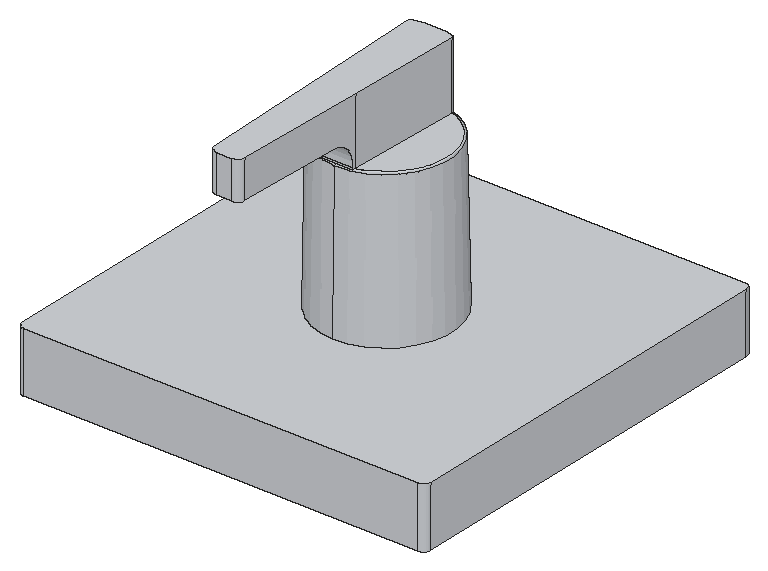
Revit family "Faucet-Valve_Trim-KOHLER-Honesty-K-TS99761-4", category Generic Models, host Face, Revit 2015
Parameters (values of type "CP-Polished Chrome")
  Width = 6 1/2"  # constant formula
  Waste Connection = yes
  URL = "http://www.us.kohler.com/us/"
  Type = 1
  Product Page URL = "http://www.us.kohler.com/onlinecatalog/detail.jsp?prod_num=TS99761-4"
  Product Name = "Honesty"  # constant formula
  Product Documentation Link = "http://www.us.kohler.com/onlinecatalog/pdf/K-TS99761-4_spec.pdf"
  Outlet Connector = "Outlet Connection"  # constant formula
  Model = "K-TS99761-4-CP"  # constant formula
  Material = "Premium Construction"  # constant formula
  MasterFormat 2004 = "10.28.13"  # constant formula
  MasterFormat 1995 = "10820"  # constant formula
  Manufacturer Address = "444 Highland Drive, Kohler, WI 53044"  # constant formula
  Manufacturer = "Kohler"  # constant formula
  Length = 6 1/2"  # constant formula
  Inlet Connector = "Inlet Connection"  # constant formula
  Height = 4 1/2"  # constant formula
  Flush Rate = ""
  Finish = Kohler-Metal-CP-Polished_Chrome
  Description = "Honesty Rite-Temp Valve Trim with Diverter"  # constant formula
  Default Elevation = 42"
  Date Modified = "09/07/2017"  # constant formula
  Date Created = "09/07/2017"  # constant formula
  Copyright = "Copyright by Kohler Co."  # constant formula
  Contact Us = "https://www.us.kohler.com/us/static/contact.jsp"
  Assembly Code = "C1030200"
  ADA Compliant = yes
Reference planes (in)
  plane 1 "Center (Front/Back)": y = 0
  plane 2: z = 0
  plane 3 "Center (Left/Right)": x = 0
  plane 4: y = 16.75
  plane 5: y = -17.25
  plane 6: x = -30.00074
  plane 7: x = 29.99926
  plane 8: z = 4.5
  plane 9: x = -3.32334
  plane 10: x = 3.17666
  plane 11: y = 3.08738
  plane 12: y = -3.41262
Dimensions and locks (in)
  "Length": plane 11 to plane 12
  "Width": plane 9 to plane 10
  "Height": plane 8 to level
  aligned and locked: plane 2 to host face
  aligned and locked: level to host face
Automatic sketch dimensions
  host sketch curve to host sketch curve = 96"  (x2)
Nested families (in)
  nested 1: "K-TS99761-4" at (0, 0, 0), type "K-T99762-4"
Definition of nested family "K-TS99761-4"
  Parameters (values of type "K-T99762-4")
    Finish = none
  Reference planes (in)
    plane 1 "Center (Front/Back)": y = 0
    plane 2: z = 0
    plane 3 "Center (Left/Right)": x = 0
    plane 4: z = 4.5
  Forms (in)
    Extrusion 1, solid, material <- "Finish"
      sketch origin (-0.04678, -0.17401, 0) x (1, 0, 0) y (0, 1, 0)
        loop
          arc (-3.15397, 3.26139) -> (-3.24065, 3.22548) -> (-3.27656, 3.1388) r 0.12259
          line (-3.27656, 3.1388) -> (-3.27656, -3.12122)
          arc (-3.27656, -3.12122) -> (-3.24161, -3.20561) -> (-3.15722, -3.24056) r 0.11934
          line (-3.15722, -3.24056) -> (3.10195, -3.24056)
          arc (3.10195, -3.24056) -> (3.18785, -3.20498) -> (3.22344, -3.11907) r 0.12149
          line (3.22344, -3.11907) -> (3.22344, 3.14145)
          arc (3.22344, 3.14145) -> (3.18831, 3.22626) -> (3.10349, 3.26139) r 0.11995
          line (3.10349, 3.26139) -> (-3.15397, 3.26139)
      from 0 to 0.96047
    Revolve 2, solid, material <- "Finish"
      sketch origin (-0.04678, -0.17401, 0) x (0, 1, 0) y (0, 0, 1)
        loop
          line (0.01042, 3.43011) -> (-0.97087, 3.43011)
          arc (-0.97087, 3.43011) -> (-0.98965, 3.42243) -> (-0.99766, 3.40378) r 0.0268
          line (-0.99766, 3.40378) -> (-1.04031, 0.96047) -> (0.01042, 0.96047) -> (0.01042, 3.43011)
        axis (0.01042, 0.96047) -> (0.01042, 3.43011)
      angle from 0 to 360
    Extrusion 3, solid, material <- "Finish"
      sketch origin (-0.04678, -0.17401, 0) x (1, 0, 0) y (0, 1, 0)
        loop
          line (-0.37925, 0.90785) -> (-0.33242, -0.93664) -> (-0.27108, -3.05185)
          arc (-0.27108, -3.05185) -> (-0.23319, -3.13799) -> (-0.14599, -3.17337) r 0.12515
          line (-0.14599, -3.17337) -> (0.10292, -3.17337)
          arc (0.10292, -3.17337) -> (0.18378, -3.14056) -> (0.21892, -3.06068) r 0.11606
          line (0.21892, -3.06068) -> (0.28052, -0.93663) -> (0.32749, 0.91353)
          arc (0.32749, 0.91353) -> (0.31838, 0.94421) -> (0.29297, 0.96367) r 0.05178
          arc (0.29297, 0.96367) -> (-0.02327, 1.01823) -> (-0.33974, 0.96499) r 0.95539
          arc (-0.33974, 0.96499) -> (-0.36881, 0.94286) -> (-0.37925, 0.90785) r 0.05893
      from 3.44428 to 4.5
    Extrusion 4, void
      sketch origin (-0.04678, -0.17401, 0) x (0, 1, 0) y (0, 0, 1)
        loop
          line (-1.38105, 3.89874) -> (-3.30399, 3.89874) -> (-3.30399, 3.44428) -> (-0.9953, 3.44428) -> (-0.9953, 3.4793)
          arc (-0.9953, 3.4793) -> (-1.09612, 3.77368) -> (-1.38105, 3.89874) r 0.3871
      from -1.27418 to 1.01548
  Cuts and joins
    Extrusion 4 cuts Extrusion 3
  Lines and regions (in)
    Masking region 1
      outline origin (0, -6.17518, 0) x (0, 1, 0) y (0, 0, 1)
        loop
          line (9.26256, 0) -> (9.26256, 0.96047) -> (7.06231, 0.96047) -> (7.01963, 3.40571)
          arc (7.01963, 3.40571) -> (7.01223, 3.42294) -> (6.99487, 3.43004) r 0.02476
          line (6.99487, 3.43004) -> (5.0295, 3.43004)
          arc (5.0295, 3.43004) -> (5.01091, 3.42243) -> (5.00298, 3.40397) r 0.02653
          line (5.00298, 3.40397) -> (4.96086, 0.96047) -> (4.10042, 0.96047) -> (4.09216, 1.43331)
          arc (4.09216, 1.43331) -> (4.08427, 1.45169) -> (4.06575, 1.45927) r 0.02642
          line (4.06575, 1.45927) -> (4.01575, 1.45927) -> (4.01634, 1.73028)
          arc (4.01634, 1.73028) -> (4.00997, 1.74571) -> (3.99456, 1.75211) r 0.02178
          line (3.99456, 1.75211) -> (3.91476, 1.75211)
          arc (3.91476, 1.75211) -> (3.89986, 1.75828) -> (3.89368, 1.77319) r 0.02108
          line (3.89368, 1.77319) -> (3.89368, 1.85002)
          arc (3.89368, 1.85002) -> (3.89967, 1.86448) -> (3.91413, 1.87047) r 0.02045
          line (3.91413, 1.87047) -> (3.94735, 1.87047) -> (3.94735, 2.06732) -> (3.47491, 2.06732) -> (3.47491, 1.87047) -> (3.51469, 1.87047)
          arc (3.51469, 1.87047) -> (3.52915, 1.86448) -> (3.53514, 1.85002) r 0.02045
          line (3.53514, 1.85002) -> (3.53514, 1.77319)
          arc (3.53514, 1.77319) -> (3.52896, 1.75828) -> (3.51406, 1.75211) r 0.02108
          line (3.51406, 1.75211) -> (3.43417, 1.75211)
          arc (3.43417, 1.75211) -> (3.41876, 1.74571) -> (3.4124, 1.73028) r 0.02178
          line (3.4124, 1.73028) -> (3.41298, 1.45927) -> (3.36298, 1.45927)
          arc (3.36298, 1.45927) -> (3.34446, 1.45169) -> (3.33657, 1.43331) r 0.02642
          line (3.33657, 1.43331) -> (3.32831, 0.96047) -> (2.76061, 0.96047) -> (2.76061, 0) -> (9.26256, 0)
        loop
          line (7.01894, 3.44428) -> (7.01894, 4.5) -> (2.8278, 4.5) -> (2.8278, 3.89874) -> (4.62012, 3.89874)
          arc (4.62012, 3.89874) -> (4.90505, 3.77368) -> (5.00587, 3.4793) r 0.3871
          line (5.00587, 3.4793) -> (5.00587, 3.44428) -> (7.01894, 3.44428)
    Masking region 2
      outline origin (-0.04678, -6.17518, 0) x (1, 0, 0) y (0, 1, 0)
        loop
          line (3.12893, 9.26256) -> (-3.16967, 9.26256)
          arc (-3.16967, 9.26256) -> (-3.24525, 9.23125) -> (-3.27656, 9.15567) r 0.1069
          line (-3.27656, 9.15567) -> (-3.27656, 2.92451)
          arc (-3.27656, 2.92451) -> (-3.22856, 2.80862) -> (-3.11266, 2.76061) r 0.1639
          line (-3.11266, 2.76061) -> (3.11818, 2.76061)
          arc (3.11818, 2.76061) -> (3.19261, 2.79144) -> (3.22344, 2.86587) r 0.10526
          line (3.22344, 2.86587) -> (3.22344, 9.16806)
          arc (3.22344, 9.16806) -> (3.19576, 9.23488) -> (3.12893, 9.26256) r 0.0945
    Masking region 3
      outline origin (0, 0, 0) x (1, 0, 0) y (0, 0, 1)
        loop
          line (3.17666, 0) -> (3.17666, 0.96047) -> (1.00314, 0.96047) -> (0.96524, 3.40436)
          arc (0.96524, 3.40436) -> (0.95722, 3.42308) -> (0.93837, 3.43081) r 0.02686
          line (0.93837, 3.43081) -> (0.28283, 3.43081) -> (0.28283, 4.5) -> (-0.42643, 4.5) -> (-0.42643, 3.43081) -> (-1.0275, 3.43081)
          arc (-1.0275, 3.43081) -> (-1.0485, 3.4222) -> (-1.05743, 3.40133) r 0.02994
          line (-1.05743, 3.40133) -> (-1.09529, 0.96047) -> (-3.32157, 0.96047) -> (-3.32157, 0) -> (3.17666, 0)
    symbolic lines, detail levels medium+fine
      curve 1: line (0, -2.70027, 1.87047) -> (0, -2.22783, 1.87047)
      curve 2: line (0, -2.81176, 1.45928) -> (0, -2.10986, 1.45928)
      curve 3: line (0, -2.26041, 1.75211) -> (0, -2.66112, 1.75211)
      curve 4: line (0, -2.84686, 0.96047) -> (0, 0.88713, 0.96047)
      curve 5: arc (-0.04678, 0.88713, 0) -> (-1.08405, 0.00404, 0) -> (-0.37774, -1.16083, 0) r 1.05072
      curve 6: arc (0.23182, -1.1767, 0) -> (0.9945, -0.02303, 0) -> (-0.04678, 0.88713, 0) r 1.05072
      curve 7: arc (0.24619, 0.78966, 0) -> (-0.07005, 0.84422, 0) -> (-0.38652, 0.79098, 0) r 0.95539
      curve 8: arc (-0.38652, 0.79098, 0) -> (-0.41559, 0.76886, 0) -> (-0.42603, 0.73384, 0) r 0.05893
      curve 9: line (-0.42603, 0.73384, 0) -> (-0.3792, -1.11064, 0)
      curve 10: arc (0.28071, 0.73953, 0) -> (0.2716, 0.7702, 0) -> (0.24619, 0.78966, 0) r 0.05178
      curve 11: line (0.23374, -1.11064, 0) -> (0.28071, 0.73953, 0)
      curve 12: line (-0.3792, -1.11064, 0) -> (-0.31786, -3.22586, 0)
      curve 13: line (0.17214, -3.23468, 0) -> (0.23374, -1.11064, 0)
      curve 14: arc (-0.31786, -3.22586, 0) -> (-0.27997, -3.31199, 0) -> (-0.19277, -3.34737, 0) r 0.12515
      curve 15: line (-0.19277, -3.34737, 0) -> (0.05613, -3.34737, 0)
      curve 16: arc (0.05613, -3.34737, 0) -> (0.137, -3.31456, 0) -> (0.17214, -3.23468, 0) r 0.11606
      curve 17: arc (-0.34708, -2.21821, 0) -> (-0.43817, -2.47216, 0) -> (-0.33252, -2.7204, 0) r 0.36983
      curve 18: arc (0.20294, -2.17266, 0) -> (0.33841, -2.47504, 0) -> (0.18564, -2.76905, 0) r 0.38073
      curve 19: line (0.28283, 0, 3.43081) -> (-0.42643, 0, 3.43081)
      curve 20: line (-1.09529, 0, 0.96047) -> (1.00314, 0, 0.96047)
  Dimensions and locks (in)
    aligned and locked: level to plane 2
